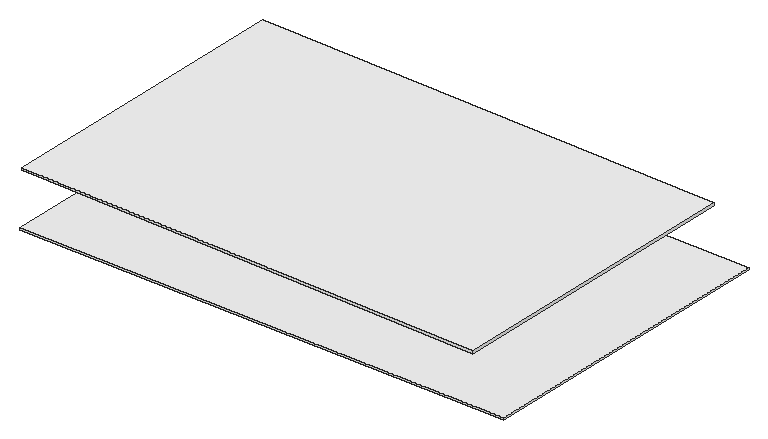
Revit family "Laje_Con_Bloco_Dupla_Lisa", category Structural Framing, Revit 2020
Family settings
  Structural Framing Length Roundoff = 0.000 m
  Section Shape = Not Defined
  Material for Model Behavior = Other
  Always export as geometry = No
  OmniClass Number = 23.25.30.11.14.14
  OmniClass Title = Beams
  Always vertical = Yes
  Cut with Voids When Loaded = Yes
  Symbolic Representation = From Family
  Shared = No
  Show family pre-cut in plan views = Yes
Parameters (values of type "LAJ_012x130_BLC_CON_DUP_COB")
  Structural Material [instance] = CT_Concreto
  Material_Laje_Superior = CT_Concreto
  Material_Laje_Inferior = CT_Concreto
  H2 [instance] = 1.140 m
  Comprimento_Modulo_Superior [instance] = 7.380 m
  Comprimento_Modulo_Inferior [instance] = 7.500 m
  Assembly Code = ""
  Length [instance] = 11.920 m
  b = 0.120 m
  h = 1.300 m
Reference planes (m)
  plane 1 "Center (Front/Back)": y = 0
  plane 2: z = 0
  plane 3 "Center (Left/Right)": x = 5.20261
  plane 4: y = 0.06
  plane 5: y = -0.06
  plane 6: z = 1.3
  plane 7 "Left": x = -0.75739
  plane 8 "Right": x = 11.16261
  plane 9: z = 1.14
  plane 10: y = 7.5
  plane 11: y = 7.44
Forms (m)
  Extrusion 1, solid, material "CT_Concreto" <- "Material_Laje_Superior"
    sketch origin (0, 0, 0) x (1, 0, 0) y (0, 0, -1)
      loop
        line (10.32761, -1.091203) -> (-0.70739, -1.239323) -> (-0.70739, -1.299329) -> (10.32761, -1.151208) -> (10.32761, -1.091203)
    from 0.06 to 7.44
  Extrusion 2, solid, material "CT_Concreto" <- "Material_Laje_Inferior"
    sketch origin (0.205, 0, -0.541) x (1, 0, 0) y (0, 0, -1)
      loop
        line (-0.91239, -0.54) -> (10.92261, -0.54) -> (10.92261, -0.49) -> (-0.91239, -0.49) -> (-0.91239, -0.54)
    from 0 to 7.5
Dimensions and locks (m)
  "b": plane 4 to plane 5
  plane 2 to plane 6 = 1.300 m
  equal spacing: plane 4, plane 1 "Center (Front/Back)", plane 5
  "Length": plane 7 "Left" to plane 8 "Right"
  plane 7 "Left" to plane 8 "Right" = 11.920 m
  equal spacing: plane 7 "Left", plane 3 "Center (Left/Right)", plane 8 "Right"
  "h": plane 6 to plane 2
  "H2": plane 9 to level
  Extrusion 1 to Extrusion 2 = 7.440 m
  "Comprimento_Modulo_Inferior": plane 1 "Center (Front/Back)" to plane 10
  "Comprimento_Modulo_Superior": plane 4 to plane 11
  aligned and locked: Extrusion 1 to Extrusion 2
  aligned and locked: plane 10 to Extrusion 2
  aligned and locked: plane 1 "Center (Front/Back)" to Extrusion 2
  aligned and locked: Extrusion 1 to plane 4
  aligned and locked: plane 11 to Extrusion 1
Automatic sketch dimensions
  Extrusion 1 sketch curve to plane 7 "Left" = 0.050 m
  Extrusion 1 sketch curve to plane 9 = 0.011208 m
  plane 8 "Right" to Extrusion 1 sketch curve = 0.835 m
  plane 6 to Extrusion 1 sketch curve = 0.060677 m
  plane 6 to Extrusion 1 sketch curve = 0.000671 m
  plane 9 to Extrusion 1 sketch curve = 0.048797 m
  Extrusion 2 sketch curve to level = 0.051 m
  plane 8 "Right" to Extrusion 2 sketch curve = 11.870 m
  plane 8 "Right" to Extrusion 2 sketch curve = 0.035 m
  Extrusion 2 sketch curve to Extrusion 2 sketch curve = 0.050 m
